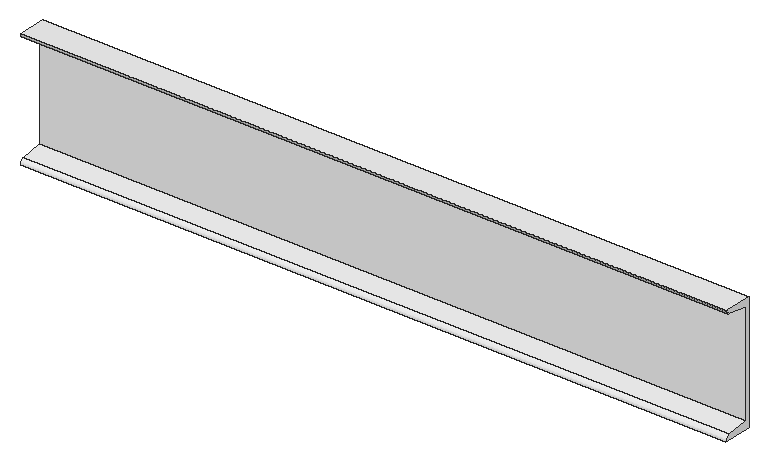
Revit family "M_GM-Guia mista", category Quadro estrutural, Revit 2019
Family settings
  Arredondamento do comprimento do framing estrutural = 0 mm
  Forma do corte = Não definido
  Material para o comportamento do modelo = Aço
  Exportar sempre como geometria = Não
  Número OmniClass = 23.25.30.11.14.14
  Título OmniClass = Beams
  ID de item do Seek = MC-Miscellaneous Channel-0000-CAN-ENU
  Sempre na vertical = Sim
  Corte com vazios quando carregada = Não
  Representação simbólica = Das configurações de projeto
  Compartilhado = Não
  Exibir o pré-corte da família na vista da planta = Sim
Parameters (values of type "MC200X12.6")
  W = 0.124
  Structural Material [instance] = Aço, 45-345
  Assembly Code = ""
  Length [instance] = 1524 mm
  bf = 47.6 mm
  d = 203 mm
  tf = 7.9 mm
  tw = 4.5 mm
  x = 10.9 mm
  A = 0.002 m²
Reference planes
  plane 1 "Centro (Frente/Trás)": y = 0
  plane 2: z = 0
  plane 3 "Centro (Esquerda/Direita)": x = 4.61
  plane 4 "Membro esquerdo": x = -604.99
  plane 5 "Membro direito": x = 614.21
  plane 6: y = 10.9
  plane 7: y = -36.7
  plane 8 "Superior": z = 101.5
  plane 9: z = -101.5
  plane 10 "Esquerda": x = -757.39
  plane 11 "Direita": x = 766.61
Forms (mm)
  Sweep 1, solid, material "Aço, 45-345" <- "Structural Material", detail levels fine
    path origin (0, 0, 0) x (1, 0, 0) y (0, 1, 0)
      loop
        line (614.21, 0) -> (-604.99, 0)
    profile "M_MC-Guia-Perfil-Alto : M_MC-Guia-Perfil-Alto" origin (4.61, 0, 0) x (0, -1, 0) y (0, 0, 1)
      loop
        line (-10.9, -101.5) -> (36.7, -101.5)
        arc (36.7, -101.5) -> (34.386, -95.914) -> (28.8, -93.6) r 7.9
        line (28.8, -93.6) -> (-6.4, -88.025) -> (-6.4, 88.025) -> (28.8, 93.6)
        arc (28.8, 93.6) -> (34.386, 95.914) -> (36.7, 101.5) r 7.9
        line (36.7, 101.5) -> (-10.9, 101.5) -> (-10.9, -101.5)
  Sweep 2, solid, material "Aço, 45-345" <- "Structural Material", detail levels medium
    path origin (0, 0, 0) x (1, 0, 0) y (0, 1, 0)
      loop
        line (614.21, 0) -> (-604.99, 0)
    profile "M_MC-Guia-Perfil-Médio : M_MC-Guia-Perfil-Médio" origin (4.61, 0, 0) x (0, -1, 0) y (0, 0, 1)
      loop
        line (-10.9, -101.5) -> (36.7, -101.5) -> (36.7, -93.6) -> (-6.4, -86.774) -> (-6.4, 86.774) -> (36.7, 93.6) -> (36.7, 101.5) -> (-10.9, 101.5) -> (-10.9, -101.5)
Lines and regions (mm)
  symbolic lines, style "Faces ocultas", detail levels medium+fine
    curve 1: line (-604.99, 6.4, 0) -> (614.21, 6.4, 0)
    curve 2: line (-604.99, 17.462, 88.031) -> (614.21, 17.462, 88.031)
    curve 3: line (-604.99, 17.462, -88.031) -> (614.21, 17.462, -88.031)
  symbolic lines, style "Símbolos de vara", detail levels coarse
    curve 4: line (4.61, 10.9, 101.5) -> (4.61, -36.7, 101.5)
    curve 5: line (4.61, 10.9, -101.5) -> (4.61, 10.9, 101.5)
    curve 6: line (4.61, -36.7, -101.5) -> (4.61, 10.9, -101.5)
Dimensions and locks
  "bf": plane 6 to plane 7
  "d": plane 9 to plane 8 "Superior"
  "x": plane 6 to plane 1 "Centro (Frente/Trás)"
  equal spacing: plane 9, plane 2, plane 8 "Superior"
  "Length": plane 10 "Esquerda" to plane 11 "Direita"
  aligned and locked: Sweep 1 sketch curve to plane 1 "Centro (Frente/Trás)"
  aligned and locked: Sweep 2 sketch curve to plane 1 "Centro (Frente/Trás)"
  aligned and locked: curve 4 to Sweep 2
  aligned and locked: curve 5 to Sweep 2
  aligned and locked: Sweep 2 to curve 6
  aligned and locked: Sweep 2 to curve 4
  aligned and locked: curve 6 to Sweep 2
  aligned and locked: plane 4 "Membro esquerdo" to Sweep 2 sketch curve
  aligned and locked: plane 5 "Membro direito" to Sweep 2 sketch curve
  aligned and locked: plane 4 "Membro esquerdo" to Sweep 1 sketch curve
  aligned and locked: plane 5 "Membro direito" to Sweep 1 sketch curve
  aligned and locked: plane 4 "Membro esquerdo" to curve 1
  aligned and locked: plane 5 "Membro direito" to curve 1
  aligned and locked: plane 4 "Membro esquerdo" to curve 2
  aligned and locked: plane 4 "Membro esquerdo" to curve 3
  aligned and locked: plane 5 "Membro direito" to curve 2
  aligned and locked: plane 5 "Membro direito" to curve 3
  aligned and locked: curve 1 to Sweep 1
Automatic sketch dimensions
  curve 3 to plane 9 = 13.469 mm
  plane 8 "Superior" to curve 2 = 13.469 mm
Types in the file's own list only (33): name | W | bf | d | tf | tw | x | A
  MC460X86 | 0.846 | 107 mm | 457 mm | 16 mm | 18 mm | 22 mm | 0.01 m²
  MC460X77.2 | 0.757 | 104 mm | 457 mm | 16 mm | 15 mm | 22 mm | 0.01 m²
  MC460X68.2 | 0.668 | 102 mm | 457 mm | 16 mm | 13 mm | 22 mm | 0.01 m²
  MC460X63.5 | 0.623 | 100 mm | 457 mm | 16 mm | 11 mm | 22 mm | 0.01 m²
  MC330X74 | 0.73 | 112 mm | 330 mm | 16 mm | 20 mm | 25 mm | 0.01 m²
  MC330X60 | 0.584 | 106 mm | 330 mm | 16 mm | 14 mm | 25 mm | 0.01 m²
  MC330X52 | 0.511 | 103 mm | 330 mm | 16 mm | 11 mm | 25 mm | 0.01 m²
  MC330X47.3 | 0.464 | 102 mm | 330 mm | 16 mm | 10 mm | 26 mm | 0.01 m²
  MC310X74 | 0.73 | 105 mm | 305 mm | 18 mm | 21 mm | 27 mm | 0.01 m²
  MC310X67 | 0.657 | 102 mm | 305 mm | 18 mm | 18 mm | 26 mm | 0.01 m²
  MC310X60 | 0.584 | 99 mm | 305 mm | 18 mm | 15 mm | 26 mm | 0.01 m²
  MC310X52 | 0.511 | 96 mm | 305 mm | 18 mm | 12 mm | 27 mm | 0.01 m²
  MC310X46 | 0.452 | 93 mm | 305 mm | 18 mm | 9 mm | 28 mm | 0.01 m²
  MC310X15.8 | 0.155 | 38 mm | 305 mm | 8 mm | 5 mm | 7 mm | 0.00 m²
  MC250X61.2 | 0.6 | 110 mm | 254 mm | 15 mm | 20 mm | 28 mm | 0.01 m²
  MC250X50 | 0.49 | 104 mm | 254 mm | 15 mm | 15 mm | 28 mm | 0.01 m²
  MC250X42.4 | 0.416 | 100 mm | 254 mm | 15 mm | 11 mm | 28 mm | 0.01 m²
  MC250X37 | 0.365 | 87 mm | 254 mm | 15 mm | 10 mm | 24 mm | 0.00 m²
  MC250X33 | 0.321 | 84 mm | 254 mm | 15 mm | 7 mm | 25 mm | 0.00 m²
  MC250X12.5 | 0.123 | 38 mm | 254 mm | 7 mm | 4 mm | 7 mm | 0.00 m²
  MC230X37.8 | 0.371 | 89 mm | 229 mm | 14 mm | 11 mm | 25 mm | 0.00 m²
  MC230X35.6 | 0.349 | 88 mm | 229 mm | 14 mm | 10 mm | 25 mm | 0.00 m²
  MC200X33.9 | 0.333 | 89 mm | 203 mm | 13 mm | 11 mm | 26 mm | 0.00 m²
  MC200X31.8 | 0.312 | 88 mm | 203 mm | 13 mm | 10 mm | 26 mm | 0.00 m²
  MC200X29.8 | 0.292 | 77 mm | 203 mm | 13 mm | 10 mm | 21 mm | 0.00 m²
  MC200X27.8 | 0.273 | 76 mm | 203 mm | 13 mm | 9 mm | 22 mm | 0.00 m²
  MC180X33.8 | 0.331 | 92 mm | 178 mm | 13 mm | 13 mm | 27 mm | 0.00 m²
  MC180X28.4 | 0.279 | 88 mm | 178 mm | 13 mm | 9 mm | 27 mm | 0.00 m²
  MC150X26.8 | 0.263 | 89 mm | 152 mm | 12 mm | 10 mm | 28 mm | 0.00 m²
  MC150X22.8 | 0.223 | 89 mm | 152 mm | 10 mm | 9 mm | 27 mm | 0.00 m²
  MC150X24.3 | 0.238 | 76 mm | 152 mm | 12 mm | 10 mm | 24 mm | 0.00 m²
  MC150X22.5 | 0.22 | 75 mm | 152 mm | 12 mm | 8 mm | 24 mm | 0.00 m²
  MC150X17.9 | 0.175 | 63 mm | 152 mm | 10 mm | 8 mm | 18 mm | 0.00 m²
